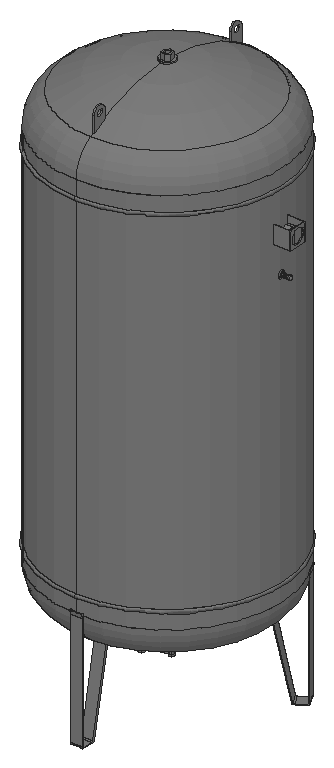
Revit family "MIT-1500-ET (Vertical)", category Specialty Equipment, Revit 2022
Family settings
  Round Connector Dimension = Use Diameter
  Part Type = Normal
  Work Plane-Based = No
  Always vertical = Yes
  Cut with Voids When Loaded = No
  Maintain Annotation Orientation = No
  Shared = No
  Room Calculation Point = No
Parameters
  URL = "https://en.ekinendustriyel.com/expansion-tanks"
  Test Pressure = 15.0 bar
  Production Standard = "TS EN 13831"
  Precharge Pressure = 4.0 bar
  Operating Pressure = 10.0 bar
  Model = "MIT-1500-ET_(Vertical)"
  Manufacturer = "Ekin Endüstriyel"
  Keynote = "Expension Tank"
  Description = "MIT-Expension Tank"
  Default Elevation = 0 mm
Reference planes
  plane 1 "Center (Front/Back)": y = 0
  plane 2: z = 0
  plane 3 "Center (Left/Right)": x = 0
Forms (mm)
  Revolve 1, solid, material "Ekin Endustriyel-S235JR", detail levels medium+fine
    sketch origin (0, -9714.015, 98.319) x (0, 1, 0) y (0, 0, 1)
      loop
        line (9714.015, 2288.494) -> (9714.015, 2284.494) -> (9731.434, 2284.494)
        arc (9731.434, 2284.494) -> (9931.618, 2251.767) -> (10115.688, 2166.543) r 749.258
        arc (10115.688, 2166.543) -> (10168.879, 2113.704) -> (10189.1, 2041.508) r 147.026
        line (10189.1, 2041.508) -> (10189.1, 402.069)
        arc (10189.1, 402.069) -> (10172.631, 335.939) -> (10127.07, 285.258) r 141
        arc (10127.07, 285.258) -> (10001.42, 216.993) -> (9864.984, 174.174) r 739.851
        arc (9864.984, 174.174) -> (9862.922, 173.434) -> (9861.14, 172.161) r 7.984
        arc (9861.14, 172.161) -> (9837.969, 156.183) -> (9811.045, 147.978) r 91.784
        line (9811.045, 147.978) -> (9714.015, 147.978) -> (9714.015, 143.978) -> (9811.327, 143.978)
        arc (9811.327, 143.978) -> (9839.579, 152.519) -> (9863.889, 169.255) r 95.784
        arc (9863.889, 169.255) -> (9864.778, 169.89) -> (9865.807, 170.26) r 3.984
        arc (9865.807, 170.26) -> (10002.981, 213.31) -> (10129.311, 281.944) r 743.851
        arc (10129.311, 281.944) -> (10176.164, 334.063) -> (10193.1, 402.069) r 145
        line (10193.1, 402.069) -> (10193.1, 464.648)
        arc (10193.1, 464.648) -> (10200.1, 471.648) -> (10193.1, 478.648) r 7
        line (10193.1, 478.648) -> (10193.1, 1964.638)
        arc (10193.1, 1964.638) -> (10200.1, 1971.638) -> (10193.1, 1978.638) r 7
        line (10193.1, 1978.638) -> (10193.1, 2041.538)
        arc (10193.1, 2041.538) -> (10172.36, 2115.677) -> (10117.769, 2169.96) r 151.026
        arc (10117.769, 2169.96) -> (9932.724, 2255.612) -> (9731.486, 2288.494) r 753.258
        line (9731.486, 2288.494) -> (9714.015, 2288.494)
      axis (9714.015, 143.978) -> (9714.015, 2288.494)
    angle from 0 to 360
  Extrusion 2, solid, material "Ekin Endustriyel-S235JR", detail levels coarse
    sketch origin (7881.66, -13249.096, 122.286) x (0, 1, 0) y (-1, 0, 0)
      loop
        circle (13249.096, 7881.66) r 487
    from 120.011 to 2264.528
  Extrusion 3, solid, material "Ekin Endustriyel-S235JR", detail levels fine
    sketch origin (-910.329, -6585.742, 302.871) x (0, 1, 0) y (0, 0, 1)
      loop
        line (6973.625, 1975.29) -> (6973.625, 2040.264)
        arc (6973.625, 2040.264) -> (6946.148, 2067.74) -> (6918.672, 2040.264) r 27.477
        line (6918.672, 2040.264) -> (6918.672, 2005.512)
        arc (6918.672, 2005.512) -> (6946.463, 1990.973) -> (6973.625, 1975.29) r 753.258
      loop
        circle (6946.299, 2040.217) r 15
      loop
        arc (6198.25, 1975.29) -> (6225.412, 1990.973) -> (6253.203, 2005.512) r 753.258
        line (6253.203, 2005.512) -> (6253.203, 2040.264)
        arc (6253.203, 2040.264) -> (6225.727, 2067.74) -> (6198.25, 2040.264) r 27.477
        line (6198.25, 2040.264) -> (6198.25, 1975.29)
      loop
        circle (6225.732, 2040.217) r 15
    from 906.829 to 913.828
  Extrusion 4, solid, material "Ekin Endustriyel-S235JR", detail levels medium+fine
    sketch origin (2.097, -50.747, 0) x (-0.866025, 0.5, 0) y (0, 0, 1)
      loop
        line (506.406, 492) -> (509.841, 509.669) -> (505.914, 510.433) -> (502.406, 492.385) -> (502.406, 7)
        arc (502.406, 7) -> (500.942, 3.464) -> (497.406, 2) r 5
        line (497.406, 2) -> (454.119, 2)
        arc (454.119, 2) -> (450.973, 3.114) -> (449.228, 5.96) r 5
        line (449.228, 5.96) -> (370.513, 376.289) -> (366.6, 375.457) -> (445.438, 4.553)
        arc (445.438, 4.553) -> (447.871, 0.584) -> (452.259, -0.97) r 6.973
        line (452.259, -0.97) -> (499.449, -0.97)
        arc (499.449, -0.97) -> (504.368, 1.068) -> (506.406, 5.987) r 6.957
        line (506.406, 5.987) -> (506.406, 492)
    from 18.05 to 68.05
  Extrusion 5, solid, material "Ekin Endustriyel-S235JR", detail levels medium+fine
    sketch origin (2.097, -50.747, 0) x (0, -1, 0) y (0, 0, 1)
      loop
        line (431.439, 509.669) -> (427.513, 510.433) -> (424.005, 492.385) -> (424.005, 7)
        arc (424.005, 7) -> (422.54, 3.464) -> (419.005, 2) r 5
        line (419.005, 2) -> (375.718, 2)
        arc (375.718, 2) -> (372.571, 3.114) -> (370.827, 5.96) r 5
        line (370.827, 5.96) -> (292.111, 376.289) -> (288.199, 375.457) -> (366.831, 5.523)
        arc (366.831, 5.523) -> (369.263, 1.554) -> (373.651, 0) r 6.973
        line (373.651, 0) -> (421.048, 0)
        arc (421.048, 0) -> (425.967, 2.038) -> (428.005, 6.957) r 6.957
        line (428.005, 6.957) -> (428.005, 492) -> (431.439, 509.669)
    from -22.903 to 27.097
  Extrusion 6, solid, material "Ekin Endustriyel-S235JR", detail levels medium+fine
    sketch origin (2.097, -50.747, 0) x (0.866025, 0.5, 0) y (0, 0, 1)
      loop
        line (506.024, 509.669) -> (502.097, 510.433) -> (498.589, 492.385) -> (498.589, 7)
        arc (498.589, 7) -> (497.125, 3.464) -> (493.589, 2) r 5
        line (493.589, 2) -> (450.302, 2)
        arc (450.302, 2) -> (447.156, 3.114) -> (445.412, 5.96) r 5
        line (445.412, 5.96) -> (366.696, 376.289) -> (362.783, 375.457) -> (441.415, 5.523)
        arc (441.415, 5.523) -> (443.848, 1.554) -> (448.236, 0) r 6.973
        line (448.236, 0) -> (495.633, 0)
        arc (495.633, 0) -> (500.552, 2.038) -> (502.589, 6.957) r 6.957
        line (502.589, 6.957) -> (502.589, 492) -> (506.024, 509.669)
    from -70.147 to -20.147
  Extrusion 7, solid, material "Ekin Endustriyel-S235JR", detail levels coarse
    sketch origin (2.097, -50.747, 0) x (-0.866025, 0.5, 0) y (0, 0, 1)
      loop
        line (506.406, 242.297) -> (394.904, 242.297) -> (445.232, 5.523)
        arc (445.232, 5.523) -> (447.664, 1.554) -> (452.053, 0) r 6.973
        line (452.053, 0) -> (499.449, 0)
        arc (499.449, 0) -> (504.368, 2.038) -> (506.406, 6.957) r 6.957
        line (506.406, 6.957) -> (506.406, 242.297)
    from 18.05 to 68.05
  Extrusion 8, solid, material "Ekin Endustriyel-S235JR", detail levels coarse
    sketch origin (2.097, -50.747, 0) x (0, -1, 0) y (0, 0, 1)
      loop
        line (428.005, 242.297) -> (316.503, 242.297) -> (366.831, 5.523)
        arc (366.831, 5.523) -> (369.263, 1.554) -> (373.651, 0) r 6.973
        line (373.651, 0) -> (421.048, 0)
        arc (421.048, 0) -> (425.967, 2.038) -> (428.005, 6.957) r 6.957
        line (428.005, 6.957) -> (428.005, 242.297)
    from -22.903 to 27.097
  Extrusion 9, solid, material "Ekin Endustriyel-S235JR", detail levels coarse
    sketch origin (2.097, -50.747, 0) x (0.866025, 0.5, 0) y (0, 0, 1)
      loop
        line (502.589, 242.297) -> (391.087, 242.297) -> (441.415, 5.523)
        arc (441.415, 5.523) -> (443.848, 1.554) -> (448.236, 0) r 6.973
        line (448.236, 0) -> (495.633, 0)
        arc (495.633, 0) -> (500.552, 2.038) -> (502.589, 6.957) r 6.957
        line (502.589, 6.957) -> (502.589, 242.297)
    from -70.147 to -20.265
  Extrusion 10, solid, material "Ekin Endustriyel-S235JR", detail levels coarse
    sketch origin (250.607, -0.12, 1105) x (1, 0, 0) y (0, 1, 0)
      loop
        line (226.508, -39.142) -> (298.922, -39.142) -> (298.922, 39.858) -> (226.683, 39.858)
        arc (226.683, 39.858) -> (229.034, 19.99) -> (229.819, 0) r 254.819
        arc (229.819, 0) -> (228.99, -19.641) -> (226.508, -39.142) r 233
    from 767.5 to 842.5
  Extrusion 11, solid, material "Ekin Endustriyel-S235JR", detail levels medium+fine
    sketch origin (250.607, -0.12, 1105) x (1, 0, 0) y (0, 1, 0)
      loop
        line (296.322, 39.858) -> (226.683, 39.858)
        arc (226.683, 39.858) -> (226.839, 38.858) -> (226.992, 37.858) r 254.819
        line (226.992, 37.858) -> (296.322, 37.858)
        arc (296.322, 37.858) -> (296.747, 37.682) -> (296.922, 37.258) r 0.6
        line (296.922, 37.258) -> (296.922, -36.542)
        arc (296.922, -36.542) -> (296.747, -36.967) -> (296.322, -37.142) r 0.6
        line (296.322, -37.142) -> (227.098, -37.142)
        arc (227.098, -37.142) -> (226.949, -38.143) -> (226.795, -39.142) r 254.819
        line (226.795, -39.142) -> (296.322, -39.142)
        arc (296.322, -39.142) -> (298.161, -38.381) -> (298.922, -36.542) r 2.6
        line (298.922, -36.542) -> (298.922, 37.258)
        arc (298.922, 37.258) -> (298.161, 39.096) -> (296.322, 39.858) r 2.6
    from 767.5 to 842.5
  Extrusion 12, void
    sketch origin (549.53, -36.663, 1105) x (0, 1, 0) y (0, 0, 1)
      loop
        circle (36.9, 805) r 32.5
    from -2 to 0
  Revolve 13, solid, material "Ekin Endustriyel-S235JR", detail levels fine
    sketch origin (250.607, -0.12, 1105) x (1, 0, 0) y (0, 0, 1)
      loop
        line (230, 811.5) -> (230, 805) -> (288.499, 805) -> (288.499, 837.415) -> (283.499, 837.415) -> (283.499, 835.016) -> (279.483, 835.016)
        arc (279.483, 835.016) -> (278.774, 834.723) -> (278.48, 834.013) r 1.003
        line (278.48, 834.013) -> (253.48, 834.013) -> (253.48, 815.002) -> (252.5, 815.002)
        arc (252.5, 815.002) -> (252.139, 814.657) -> (252, 814.178) r 0.964
        line (252, 814.178) -> (252, 812.305) -> (245, 812.305) -> (245, 811.5) -> (230, 811.5)
      axis (230, 805) -> (288.499, 805)
    angle from 0 to 360
  Revolve 14, solid, material "Ekin Endustriyel-S235JR", detail levels fine
    sketch origin (249.041, -0.12, 937.49) x (1, 0, 0) y (0, 0, 1)
      loop
        line (229.96, 805) -> (275.561, 805)
        arc (275.561, 805) -> (274.758, 808.458) -> (272.513, 811.208) r 7.847
        line (272.513, 811.208) -> (261.504, 811.208) -> (261.504, 812.005) -> (260.479, 812.005) -> (260.479, 810.108) -> (259.639, 809.269) -> (258.962, 809.946) -> (258.285, 809.269) -> (257.608, 809.946) -> (256.931, 809.269) -> (256.254, 809.946) -> (255.577, 809.269) -> (254.899, 809.946) -> (254.222, 809.269) -> (253.545, 809.946) -> (252.868, 809.269) -> (252.191, 809.946) -> (251.514, 809.269) -> (250.837, 809.946) -> (250.16, 809.269) -> (249.483, 809.946) -> (248.806, 809.269) -> (248.128, 809.946) -> (247.451, 809.269) -> (246.774, 809.946) -> (246.097, 809.269) -> (245.42, 809.946) -> (244.743, 809.269) -> (244.066, 809.946) -> (243.389, 809.269) -> (242.712, 809.946) -> (242.035, 809.269) -> (241.357, 809.946) -> (240.68, 809.269) -> (240.003, 809.946) -> (239.326, 809.269) -> (238.649, 809.946) -> (237.972, 809.269) -> (237.295, 809.946) -> (236.618, 809.269) -> (235.941, 809.946) -> (235.264, 809.269) -> (234.586, 809.946) -> (233.909, 809.269) -> (233.232, 809.946) -> (232.555, 809.269) -> (232.001, 809.823) -> (232.001, 814.435) -> (232.001, 819.99) -> (229.96, 819.99) -> (229.96, 805)
      axis (229.96, 805) -> (275.561, 805)
    angle from 0 to 360
  Extrusion 15, solid, material "Ekin Endustriyel-S235JR", detail levels fine
    sketch origin (249.041, -0.12, 1019.286) x (0, 1, 0) y (0, 0, 1)
      loop
        line (0.348, 732.628) -> (-7.805, 727.921) -> (-7.805, 718.507) -> (0.348, 713.8) -> (8.5, 718.507) -> (8.5, 727.921) -> (0.348, 732.628)
    from 232.001 to 240.003
  Extrusion 16, solid, material "Ekin Endustriyel-S235JR", detail levels coarse
    sketch origin (-663.114, -426.277, 242.792) x (1, 0, 0) y (0, 1, 0)
      loop
        circle (663.114, 426.414) r 150
    from -23.5 to -13.542
  Revolve 17, solid, material "Ekin Endustriyel-S235JR", detail levels fine
    sketch origin (1884.269, 0.217, 184.314) x (1, 0, 0) y (0, 0, 1)
      loop
        line (-1917.384, -21.889) -> (-1909.828, -21.889) -> (-1907.892, -20.316) -> (-1909.118, -19.32) -> (-1907.892, -18.324) -> (-1909.118, -17.327) -> (-1907.892, -16.331) -> (-1909.118, -15.335) -> (-1907.892, -14.339) -> (-1909.118, -13.343) -> (-1907.892, -12.346) -> (-1909.118, -11.35) -> (-1907.892, -10.354) -> (-1909.118, -9.358) -> (-1907.892, -8.361) -> (-1909.118, -7.365) -> (-1907.892, -6.369) -> (-1909.118, -5.373) -> (-1907.892, -4.377) -> (-1909.118, -3.38) -> (-1907.892, -2.384) -> (-1909.118, -1.388) -> (-1907.892, -0.392) -> (-1909.118, 0.605) -> (-1907.892, 1.601) -> (-1909.118, 2.597) -> (-1907.892, 3.593) -> (-1909.118, 4.589) -> (-1907.892, 5.586) -> (-1909.118, 6.582) -> (-1907.892, 7.578) -> (-1909.118, 8.574) -> (-1907.892, 9.571) -> (-1909.118, 10.567) -> (-1907.892, 11.563) -> (-1909.118, 12.559) -> (-1907.892, 13.555) -> (-1909.118, 14.552) -> (-1907.892, 15.548) -> (-1909.118, 16.544) -> (-1907.892, 17.54) -> (-1909.118, 18.537) -> (-1907.384, 19.945) -> (-1907.384, 33.093)
        arc (-1907.384, 33.093) -> (-1907.936, 34.426) -> (-1909.269, 34.978) r 1.885
        line (-1909.269, 34.978) -> (-1917.384, 34.978) -> (-1917.384, -21.889)
      axis (-1884.269, 34.978) -> (-1884.269, -21.889)
    angle from 0 to 360
  Extrusion 18, solid, material "Ekin Endustriyel-S235JR", detail levels fine
    sketch origin (-672.202, -409.557, 248.943) x (1, 0, 0) y (0, 1, 0)
      loop
        circle (534.664, 409.557) r 6
      loop
        circle (809.741, 409.557) r 6
      loop
        circle (672.202, 547.095) r 6
      loop
        circle (672.202, 272.018) r 6
      loop
        circle (574.948, 506.811) r 6
      loop
        circle (769.457, 312.302) r 6
      loop
        circle (769.457, 506.811) r 6
      loop
        circle (574.948, 312.302) r 6
    from 0.262 to -29.241
  Extrusion 19, solid, material "Ekin Endustriyel-S235JR", detail levels medium
    sketch origin (1329.894, -1405.14, 215.314) x (0, 1, 0) y (1, 0, 0)
      loop
        circle (1405.357, -1330) r 33.189
      loop
        circle (1405.357, -1330) r 24.638
    from 52.889 to -3.978
  Extrusion 20, solid, material "Ekin Endustriyel-S235JR", detail levels coarse
    sketch origin (1330.207, -1405.14, 215.314) x (0, 1, 0) y (1, 0, 0)
      loop
        arc (1372.168, -1330) -> (1388.495, -1358.586) -> (1421.412, -1359.048) r 33.189
        arc (1421.412, -1359.048) -> (1422.22, -1301.414) -> (1372.168, -1330) r 33.189
    from -3.978 to 52.889
  Extrusion 21, solid, material "Ekin Endustriyel-S235JR", detail levels medium+fine
    sketch origin (-663.114, -1231.277, 283.837) x (0, 1, 0) y (1, 0, 0)
      loop
        circle (1231.414, 663.114) r 150
      loop
        circle (1231.396, 525.584) r 5.994
      loop
        circle (1112.301, 594.364) r 5.994
      loop
        circle (1350.527, 594.364) r 5.994
      loop
        circle (1231.396, 800.644) r 5.994
      loop
        circle (1350.527, 731.864) r 5.994
      loop
        circle (1112.301, 731.864) r 5.994
    from 46.54 to 41.54
  Extrusion 22, solid, material "Ekin Endustriyel-S235JR", detail levels medium+fine
    sketch origin (3869.838, -4745.469, 2389.633) x (0, 1, 0) y (-1, 0, 0)
      loop
        circle (4745.469, 3869.844) r 11
      loop
        line (4730.56, 3886.032) -> (4723.995, 3865.027) -> (4738.903, 3848.838) -> (4760.377, 3853.655) -> (4766.943, 3874.661) -> (4752.034, 3890.849) -> (4730.56, 3886.032)
    from 0.181 to 23
  Extrusion 23, solid, material "Ekin Endustriyel-S235JR", detail levels coarse
    sketch origin (3869.838, -4745.469, 2389.633) x (0, 1, 0) y (-1, 0, 0)
      loop
        line (4730.56, 3886.032) -> (4723.995, 3865.027) -> (4738.903, 3848.838) -> (4760.377, 3853.655) -> (4766.943, 3874.661) -> (4752.034, 3890.849) -> (4730.56, 3886.032)
    from -2.819 to 23
  Extrusion 24, solid, material "Ekin Endustriyel-S235JR", detail levels medium+fine
    sketch origin (3869.838, -4745.469, 2389.633) x (0, 1, 0) y (-1, 0, 0)
      loop
        circle (4745.827, 3869.844) r 32.5
    from -2.819 to 0.181
  Extrusion 25, solid, material "Ekin Endustriyel-S235JR", detail levels coarse
    sketch origin (-663.114, -426.277, 253.853) x (1, 0, 0) y (0, 1, 0)
      loop
        circle (663.114, 426.414) r 150
    from -16.556 to -11.556
  Extrusion 26, solid, material "Ekin Endustriyel-S235JR", detail levels medium+fine
    sketch origin (-663.114, -1231.277, 284.853) x (0, 1, 0) y (1, 0, 0)
      loop
        circle (1231.414, 663.114) r 150
      loop
        circle (1231.396, 525.584) r 5.994
      loop
        circle (1112.301, 594.364) r 5.994
      loop
        circle (1350.527, 594.364) r 5.994
      loop
        circle (1231.396, 800.644) r 5.994
      loop
        circle (1350.527, 731.864) r 5.994
    from 47.556 to 42.556
  Extrusion 27, solid, material "Ekin Endustriyel-S235JR", detail levels fine
    sketch origin (-456.831, -583.175, 286.434) x (-0.339703, 0.940533, 0) y (0.940533, 0.339703, 0)
      loop
        line (431.915, 491.303) -> (442.297, 487.728) -> (450.583, 494.932) -> (448.488, 505.71) -> (438.107, 509.284) -> (429.82, 502.081) -> (431.915, 491.303)
      loop
        line (335.801, 757.413) -> (341.077, 747.784) -> (352.054, 747.538) -> (357.755, 756.921) -> (352.479, 766.55) -> (341.502, 766.796) -> (335.801, 757.413)
      loop
        line (530.023, 666.262) -> (533.598, 676.643) -> (526.395, 684.93) -> (515.617, 682.835) -> (512.042, 672.453) -> (519.246, 664.167) -> (530.023, 666.262)
      loop
        line (263.914, 570.148) -> (273.543, 575.424) -> (273.789, 586.401) -> (264.405, 592.102) -> (254.776, 586.826) -> (254.53, 575.849) -> (263.914, 570.148)
      loop
        line (517.205, 558.464) -> (527.073, 563.277) -> (527.839, 574.23) -> (518.736, 580.369) -> (508.868, 575.556) -> (508.102, 564.603) -> (517.205, 558.464)
      loop
        line (261.074, 678.669) -> (271.613, 675.59) -> (279.549, 683.178) -> (276.945, 693.845) -> (266.406, 696.923) -> (258.47, 689.335) -> (261.074, 678.669)
      loop
        line (463.686, 751.849) -> (458.873, 761.717) -> (447.92, 762.483) -> (441.78, 753.38) -> (446.593, 743.512) -> (457.546, 742.746) -> (463.686, 751.849)
      loop
        line (343.481, 495.718) -> (346.559, 506.257) -> (338.971, 514.193) -> (328.305, 511.589) -> (325.227, 501.05) -> (332.815, 493.114) -> (343.481, 495.718)
    from 67.142 to 74.733
Cuts and joins
  Extrusion 12 cuts Extrusion 11
Dimensions and locks
  aligned and locked: level to plane 2
Connectors
  piping at (-0.106, 0.217, 162.425), diameter 25.4
    settings: on Extrusion 19, index 3, connector inside diameter 609.6 mm, connector length 0 mm, flow factor 0, pipe flow 0.0 L/s, pressure drop 0.0 Pa, fitting loss kfactor 0, connector angle 0.00°, fixture units 0, engagement length 0 mm, angle of deflection 0.00°, flow configuration 0, flow direction 0, fitting loss method 0, system type 7, joint type 0, gender type 0, connector reference index -1, connector utility 0, adjustable connector no, is connector primary yes, connector description ""
